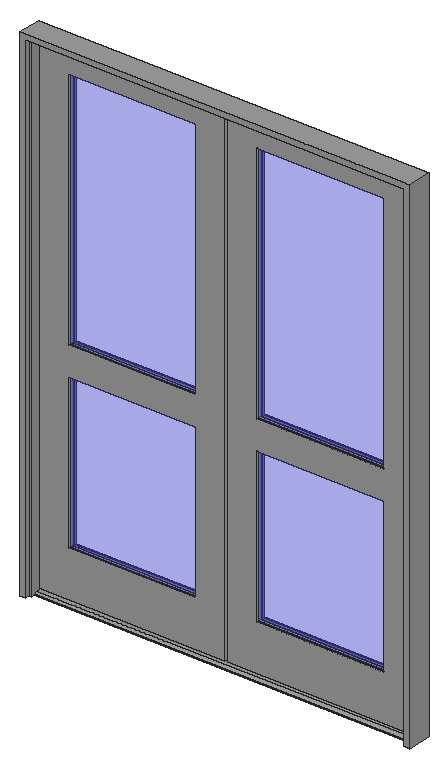
Revit family "WS-500 DOOR-Double-VIP-1-CW_v04", category Curtain Panels, Revit 2015 (continued)
Definition of nested family "2.5x6-RTCIG CW-H8533-DHD-OHD SC-DI"
  Lines and regions (in)
    detail lines, in view "Ref. Level", detail levels fine
      curve 32: line (2.31256, -1.5, 0) -> (2.31256, -1, 0)
      curve 33: line (2.31256, -1, 0) -> (2.00056, -1, 0)
      curve 34: line (2.04511, -1.062, 0) -> (2.25056, -1.062, 0)
      curve 35: line (2.25056, -1.062, 0) -> (2.25056, -1.438, 0)
      curve 36: line (2.25056, -1.438, 0) -> (0.85956, -1.438, 0)
      curve 37: line (0.85956, -1.438, 0) -> (0.85956, -1.053, 0)
      curve 38: line (0.85956, -1.053, 0) -> (0.95295, -1.053, 0)
      curve 39: line (0.99956, -1, 0) -> (0.79756, -1, 0)
      curve 40: line (0.79756, -1, 0) -> (0.79756, -1.081, 0)
      curve 41: line (0.79756, -1.081, 0) -> (0.74256, -1.081, 0)
      curve 42: line (0.74256, -1.081, 0) -> (0.74256, -1, 0)
      curve 43: line (0.74256, -1, 0) -> (0.68756, -1, 0)
      curve 44: line (0.68756, -1, 0) -> (0.68756, -1.173, 0)
      curve 45: line (-1.28244, 0, 0) -> (-1.28244, -1, 0)
      curve 46: line (-1.28244, -1, 0) -> (0.68756, -1, 0)
      curve 47: line (0.68756, -1, 0) -> (0.68756, -1.5, 0)
      curve 48: line (0.68756, -1.5, 0) -> (2.31256, -1.5, 0)
      curve 49: line (2.31256, -1.5, 0) -> (2.31256, -1, 0)
      curve 50: line (2.31256, -1, 0) -> (3.21756, -1, 0)
      curve 51: line (3.21756, -1, 0) -> (3.21756, 0, 0)
      curve 52: line (3.21756, 0, 0) -> (-1.28244, 0, 0)
      curve 53: arc (-1.28244, -0.25, 0) -> (-1.26095, -0.125, 0) -> (-1.28244, 0, 0) r 0.37439
      curve 54: arc (3.21756, 0, 0) -> (3.19608, -0.125, 0) -> (3.21756, -0.25, 0) r 0.37439
      curve 55: arc (1.95497, -1.14175, 0) -> (1.95619, -1.1362, 0) -> (1.95482, -1.13068, 0) r 0.0125
      curve 56: arc (1.98284, -1.14139, 0) -> (1.98406, -1.13584, 0) -> (1.9827, -1.13032, 0) r 0.0125
      curve 57: arc (1.01743, -1.13032, 0) -> (1.01607, -1.13584, 0) -> (1.01729, -1.14139, 0) r 0.0125
      curve 58: arc (1.0453, -1.13068, 0) -> (1.04394, -1.1362, 0) -> (1.04516, -1.14175, 0) r 0.0125
      curve 59: arc (1.10681, -1.025, 0) -> (1.10028, -1.02684, 0) -> (1.09567, -1.03182, 0) r 0.0125
      curve 60: arc (1.90446, -1.03183, 0) -> (1.89985, -1.02684, 0) -> (1.89332, -1.025, 0) r 0.0125
      curve 61: line (-1.03244, -0.25, 0) -> (-1.03244, 0, 0)
      curve 62: line (-1.03244, 0, 0) -> (2.96756, 0, 0)
      curve 63: line (2.96756, 0, 0) -> (2.96756, -0.25, 0)
      curve 64: line (2.96756, -0.25, 0) -> (-1.03244, -0.25, 0)
      curve 65: line (-1.03244, -0.25, 0) -> (2.96756, 0, 0)
      curve 66: line (-1.03244, 0, 0) -> (2.96756, -0.25, 0)
      curve 67: line (1.95497, -1.14175, 0) -> (1.89789, -1.26122, 0)
      curve 68: line (1.89789, -1.26122, 0) -> (1.92045, -1.272, 0)
      curve 69: line (1.92045, -1.272, 0) -> (1.98284, -1.14139, 0)
      curve 70: line (1.9827, -1.13032, 0) -> (1.92904, -1.025, 0)
      curve 71: line (1.92904, -1.025, 0) -> (1.95506, -1.025, 0)
      curve 72: line (1.95506, -1.025, 0) -> (1.95506, -1, 0)
      curve 73: line (1.95506, -1, 0) -> (1.04506, -1, 0)
      curve 74: line (1.04506, -1, 0) -> (1.04506, -1.025, 0)
      curve 75: line (1.04506, -1.025, 0) -> (1.07109, -1.025, 0)
      curve 76: line (1.07109, -1.025, 0) -> (1.01743, -1.13032, 0)
      curve 77: line (1.01729, -1.14139, 0) -> (1.07968, -1.272, 0)
      curve 78: line (1.07968, -1.272, 0) -> (1.10224, -1.26122, 0)
      curve 79: line (1.10224, -1.26122, 0) -> (1.04516, -1.14175, 0)
      curve 80: line (1.0453, -1.13068, 0) -> (1.09567, -1.03182, 0)
      curve 81: line (1.10681, -1.025, 0) -> (1.89332, -1.025, 0)
      curve 82: line (1.90446, -1.03183, 0) -> (1.95482, -1.13068, 0)
      curve 83: line (0.54796, -1.18033, 0) -> (0.56296, -1.18633, 0)
      curve 84: line (0.56296, -1.18633, 0) -> (0.57696, -1.19533, 0)
      curve 85: line (0.57696, -1.19533, 0) -> (0.60296, -1.19933, 0)
      curve 86: line (0.60296, -1.19933, 0) -> (0.62096, -1.20333, 0)
      curve 87: line (0.62096, -1.20333, 0) -> (0.65696, -1.20433, 0)
      curve 88: line (0.65696, -1.20433, 0) -> (0.67296, -1.20633, 0)
      curve 89: line (0.67296, -1.20633, 0) -> (0.69296, -1.20833, 0)
      curve 90: line (0.69296, -1.20833, 0) -> (0.69696, -1.21433, 0)
      curve 91: line (0.69696, -1.21433, 0) -> (0.70996, -1.20833, 0)
      curve 92: line (0.70996, -1.20833, 0) -> (0.69696, -1.21433, 0)
      curve 93: line (0.55396, -1.35233, 0) -> (0.58296, -1.35233, 0)
      curve 94: line (0.58296, -1.35233, 0) -> (0.60796, -1.35233, 0)
      curve 95: line (0.60796, -1.35233, 0) -> (0.62496, -1.35433, 0)
      curve 96: line (0.62496, -1.35433, 0) -> (0.65696, -1.35433, 0)
      curve 97: line (0.65696, -1.35433, 0) -> (0.67696, -1.35533, 0)
      curve 98: line (0.67696, -1.35533, 0) -> (0.70396, -1.36133, 0)
      curve 99: line (0.70396, -1.36133, 0) -> (0.67496, -1.36433, 0)
      curve 100: line (0.67496, -1.36433, 0) -> (0.68996, -1.37033, 0)
      curve 101: line (0.68996, -1.37033, 0) -> (0.67296, -1.36633, 0)
      curve 102: line (0.67296, -1.36633, 0) -> (0.65096, -1.36833, 0)
      curve 103: line (0.65096, -1.36833, 0) -> (0.58796, -1.37733, 0)
      curve 104: line (0.58796, -1.37733, 0) -> (0.60596, -1.37733, 0)
      curve 105: line (0.60596, -1.37733, 0) -> (0.61696, -1.37533, 0)
      curve 106: line (0.61696, -1.37533, 0) -> (0.63196, -1.37433, 0)
      curve 107: line (0.63196, -1.37433, 0) -> (0.65896, -1.37233, 0)
      curve 108: line (0.65896, -1.37233, 0) -> (0.67896, -1.37033, 0)
      curve 109: line (0.67896, -1.37033, 0) -> (0.65296, -1.36633, 0)
      curve 110: line (0.65296, -1.36633, 0) -> (0.62296, -1.36633, 0)
      curve 111: line (0.62296, -1.36633, 0) -> (0.58996, -1.36433, 0)
      curve 112: line (0.58996, -1.36433, 0) -> (0.54796, -1.36933, 0)
      curve 113: line (0.57196, -1.38433, 0) -> (0.58996, -1.38133, 0)
      curve 114: line (0.58996, -1.38133, 0) -> (0.54796, -1.38833, 0)
      curve 115: line (0.54796, -1.38833, 0) -> (0.57196, -1.38433, 0)
      curve 116: line (0.54996, -1.24133, 0) -> (0.56796, -1.23933, 0)
      curve 117: line (0.56796, -1.23933, 0) -> (0.58096, -1.23733, 0)
      curve 118: line (0.58096, -1.23733, 0) -> (0.59396, -1.23533, 0)
      curve 119: line (0.59396, -1.23533, 0) -> (0.61496, -1.23533, 0)
      curve 120: line (0.61496, -1.23533, 0) -> (0.62796, -1.23533, 0)
      curve 121: line (0.62796, -1.23533, 0) -> (0.65696, -1.23733, 0)
      curve 122: line (0.65696, -1.23733, 0) -> (0.67096, -1.23733, 0)
      curve 123: line (0.67096, -1.23733, 0) -> (0.67896, -1.23933, 0)
      curve 124: line (0.67896, -1.23933, 0) -> (0.69696, -1.24133, 0)
      curve 125: line (0.69696, -1.24133, 0) -> (0.71096, -1.24433, 0)
      curve 126: line (0.71096, -1.24433, 0) -> (0.72796, -1.25233, 0)
      curve 127: line (0.72796, -1.25233, 0) -> (0.74196, -1.25233, 0)
      curve 128: line (0.74196, -1.25233, 0) -> (0.72596, -1.24433, 0)
      curve 129: line (0.72596, -1.24433, 0) -> (0.71096, -1.25033, 0)
      curve 130: line (0.71096, -1.25033, 0) -> (0.70196, -1.25033, 0)
      curve 131: line (0.70196, -1.25033, 0) -> (0.68596, -1.25033, 0)
      curve 132: line (0.68596, -1.25033, 0) -> (0.67096, -1.24633, 0)
      curve 133: line (0.67096, -1.24633, 0) -> (0.65496, -1.24633, 0)
      curve 134: line (0.65496, -1.24633, 0) -> (0.62296, -1.24633, 0)
      curve 135: line (0.62296, -1.24633, 0) -> (0.60596, -1.24633, 0)
      curve 136: line (0.60596, -1.24633, 0) -> (0.59396, -1.24633, 0)
      curve 137: line (0.59396, -1.24633, 0) -> (0.54796, -1.25433, 0)
      curve 138: line (0.54996, -1.20833, 0) -> (0.56096, -1.20833, 0)
      curve 139: line (0.56096, -1.20833, 0) -> (0.58096, -1.20833, 0)
      curve 140: line (0.58096, -1.20833, 0) -> (0.59196, -1.20633, 0)
      curve 141: line (0.59196, -1.20633, 0) -> (0.59896, -1.20633, 0)
      curve 142: line (0.59896, -1.20633, 0) -> (0.60596, -1.20833, 0)
      curve 143: line (0.60596, -1.20833, 0) -> (0.62296, -1.21433, 0)
      curve 144: line (0.62296, -1.21433, 0) -> (0.65496, -1.21233, 0)
      curve 145: line (0.65496, -1.21233, 0) -> (0.66196, -1.21033, 0)
      curve 146: line (0.66196, -1.21033, 0) -> (0.67096, -1.21233, 0)
      curve 147: line (0.67096, -1.21233, 0) -> (0.68096, -1.21233, 0)
      curve 148: line (0.68096, -1.21233, 0) -> (0.68996, -1.21233, 0)
      curve 149: line (0.74596, -1.21033, 0) -> (0.73496, -1.21033, 0)
      curve 150: line (0.73496, -1.21033, 0) -> (0.74196, -1.21033, 0)
      curve 151: line (0.74196, -1.21033, 0) -> (0.75296, -1.21033, 0)
      curve 152: line (0.75296, -1.21033, 0) -> (0.76396, -1.21033, 0)
      curve 153: line (0.76396, -1.21033, 0) -> (0.77496, -1.20633, 0)
      curve 154: line (0.77896, -1.20633, 0) -> (0.76796, -1.20633, 0)
      curve 155: line (0.76796, -1.20633, 0) -> (0.76096, -1.20633, 0)
      curve 156: line (0.76096, -1.20633, 0) -> (0.75296, -1.20833, 0)
      curve 157: line (0.75296, -1.20833, 0) -> (0.74596, -1.21033, 0)
      curve 158: line (0.78096, -1.27033, 0) -> (0.76996, -1.27233, 0)
      curve 159: line (0.76996, -1.27233, 0) -> (0.75496, -1.27433, 0)
      curve 160: line (0.75496, -1.27433, 0) -> (0.74396, -1.27433, 0)
      curve 161: line (0.74396, -1.27433, 0) -> (0.73496, -1.27433, 0)
      curve 162: line (0.73496, -1.27433, 0) -> (0.71496, -1.27433, 0)
      curve 163: line (0.71496, -1.27433, 0) -> (0.69696, -1.27433, 0)
      curve 164: line (0.69696, -1.27433, 0) -> (0.67496, -1.27033, 0)
      curve 165: line (0.67496, -1.27033, 0) -> (0.65696, -1.27033, 0)
      curve 166: line (0.65696, -1.27033, 0) -> (0.60996, -1.27033, 0)
      curve 167: line (0.60996, -1.27033, 0) -> (0.57396, -1.27033, 0)
      curve 168: line (0.57396, -1.27033, 0) -> (0.54796, -1.26833, 0)
      curve 169: line (0.54796, -1.26133, 0) -> (0.56796, -1.26133, 0)
      curve 170: line (0.56796, -1.26133, 0) -> (0.59696, -1.26133, 0)
      curve 171: line (0.59696, -1.26133, 0) -> (0.62496, -1.26133, 0)
      curve 172: line (0.62496, -1.26133, 0) -> (0.66796, -1.26333, 0)
      curve 173: line (0.66796, -1.26333, 0) -> (0.70096, -1.26433, 0)
      curve 174: line (0.70096, -1.26433, 0) -> (0.71896, -1.26333, 0)
      curve 175: line (0.71896, -1.26333, 0) -> (0.73296, -1.26333, 0)
      curve 176: line (0.73296, -1.26333, 0) -> (0.75096, -1.26333, 0)
      curve 177: line (0.75096, -1.26333, 0) -> (0.76096, -1.26333, 0)
      curve 178: line (0.76096, -1.26333, 0) -> (0.76796, -1.26333, 0)
      curve 179: line (0.76796, -1.26333, 0) -> (0.78096, -1.26333, 0)
      curve 180: line (0.78096, -1.25133, 0) -> (0.76996, -1.25033, 0)
      curve 181: line (0.76996, -1.25033, 0) -> (0.76196, -1.25033, 0)
      curve 182: line (0.76196, -1.25033, 0) -> (0.75096, -1.25233, 0)
      curve 183: line (0.75096, -1.25233, 0) -> (0.74196, -1.25233, 0)
      curve 184: line (0.74196, -1.25233, 0) -> (0.74996, -1.24833, 0)
      curve 185: line (0.74996, -1.24833, 0) -> (0.76396, -1.24633, 0)
      curve 186: line (0.76396, -1.24633, 0) -> (0.77496, -1.24333, 0)
      curve 187: line (0.76996, -1.22433, 0) -> (0.75496, -1.22433, 0)
      curve 188: line (0.75496, -1.22433, 0) -> (0.74196, -1.22633, 0)
      curve 189: line (0.74196, -1.22633, 0) -> (0.73296, -1.22633, 0)
      curve 190: line (0.73296, -1.22633, 0) -> (0.70996, -1.22433, 0)
      curve 191: line (0.70996, -1.22433, 0) -> (0.69896, -1.22333, 0)
      curve 192: line (0.69896, -1.22333, 0) -> (0.67696, -1.22433, 0)
      curve 193: line (0.67696, -1.22433, 0) -> (0.65296, -1.22333, 0)
      curve 194: line (0.65296, -1.22333, 0) -> (0.62296, -1.22333, 0)
      curve 195: line (0.62296, -1.22333, 0) -> (0.59896, -1.22133, 0)
      curve 196: line (0.59896, -1.22133, 0) -> (0.58096, -1.22133, 0)
      curve 197: line (0.58096, -1.22133, 0) -> (0.56096, -1.22133, 0)
      curve 198: line (0.56096, -1.22133, 0) -> (0.54796, -1.22233, 0)
      curve 199: line (0.73496, -1.21033, 0) -> (0.71896, -1.21233, 0)
      curve 200: line (0.71896, -1.21233, 0) -> (0.70996, -1.20833, 0)
      curve 201: line (0.70996, -1.20833, 0) -> (0.72396, -1.20833, 0)
      curve 202: line (0.72396, -1.20833, 0) -> (0.73296, -1.21233, 0)
      curve 203: line (0.73296, -1.37433, 0) -> (0.74396, -1.37433, 0)
      curve 204: line (0.74396, -1.37433, 0) -> (0.76096, -1.37433, 0)
      curve 205: line (0.76096, -1.37433, 0) -> (0.77296, -1.37433, 0)
      curve 206: line (0.78096, -1.37033, 0) -> (0.77096, -1.37033, 0)
      curve 207: line (0.77096, -1.37033, 0) -> (0.75496, -1.37033, 0)
      curve 208: line (0.75496, -1.37033, 0) -> (0.74796, -1.36833, 0)
      curve 209: line (0.74796, -1.36833, 0) -> (0.74096, -1.36833, 0)
      curve 210: line (0.74096, -1.36833, 0) -> (0.72996, -1.36633, 0)
      curve 211: line (0.72996, -1.36633, 0) -> (0.71496, -1.36633, 0)
      curve 212: line (0.71496, -1.36633, 0) -> (0.70396, -1.36633, 0)
      curve 213: line (0.70396, -1.36633, 0) -> (0.68996, -1.37033, 0)
      curve 214: line (0.68996, -1.37033, 0) -> (0.70596, -1.37233, 0)
      curve 215: line (0.70596, -1.37233, 0) -> (0.72096, -1.37233, 0)
      curve 216: line (0.72096, -1.37233, 0) -> (0.73296, -1.37433, 0)
      curve 217: line (0.75896, -1.35433, 0) -> (0.74796, -1.35033, 0)
      curve 218: line (0.74796, -1.35033, 0) -> (0.76396, -1.34633, 0)
      curve 219: line (0.76396, -1.34633, 0) -> (0.77296, -1.34633, 0)
      curve 220: line (0.77296, -1.34633, 0) -> (0.78096, -1.34833, 0)
      curve 221: line (0.78096, -1.34833, 0) -> (0.77296, -1.35433, 0)
      curve 222: line (0.77296, -1.35433, 0) -> (0.76596, -1.35433, 0)
      curve 223: line (0.76596, -1.35433, 0) -> (0.75896, -1.35433, 0)
      curve 224: line (0.54796, -1.31033, 0) -> (0.55896, -1.31033, 0)
      curve 225: line (0.55896, -1.31033, 0) -> (0.58796, -1.30833, 0)
      curve 226: line (0.58796, -1.30833, 0) -> (0.61496, -1.30833, 0)
      curve 227: line (0.61496, -1.30833, 0) -> (0.62796, -1.30833, 0)
      curve 228: line (0.62796, -1.30833, 0) -> (0.66196, -1.31033, 0)
      curve 229: line (0.66196, -1.31033, 0) -> (0.68096, -1.31233, 0)
      curve 230: line (0.68096, -1.31233, 0) -> (0.69896, -1.31433, 0)
      curve 231: line (0.69896, -1.31433, 0) -> (0.72096, -1.31433, 0)
      curve 232: line (0.72096, -1.31433, 0) -> (0.73696, -1.31433, 0)
      curve 233: line (0.73696, -1.31433, 0) -> (0.75896, -1.31433, 0)
      curve 234: line (0.75896, -1.31433, 0) -> (0.76596, -1.31433, 0)
      curve 235: line (0.76596, -1.31433, 0) -> (0.77896, -1.31033, 0)
      curve 236: line (0.54796, -1.32333, 0) -> (0.57896, -1.32133, 0)
      curve 237: line (0.57896, -1.32133, 0) -> (0.60496, -1.31933, 0)
      curve 238: line (0.60496, -1.31933, 0) -> (0.61896, -1.31933, 0)
      curve 239: line (0.61896, -1.31933, 0) -> (0.66196, -1.31933, 0)
      curve 240: line (0.66196, -1.31933, 0) -> (0.67696, -1.32133, 0)
      curve 241: line (0.67696, -1.32133, 0) -> (0.70096, -1.32133, 0)
      curve 242: line (0.70096, -1.32133, 0) -> (0.71496, -1.32133, 0)
      curve 243: line (0.71496, -1.32133, 0) -> (0.73496, -1.32133, 0)
      curve 244: line (0.73496, -1.32133, 0) -> (0.75096, -1.32333, 0)
      curve 245: line (0.75096, -1.32333, 0) -> (0.76196, -1.32433, 0)
      curve 246: line (0.76196, -1.32433, 0) -> (0.77096, -1.32433, 0)
      curve 247: line (0.77096, -1.32433, 0) -> (0.78096, -1.32433, 0)
      curve 248: line (0.73296, -1.35433, 0) -> (0.74796, -1.35433, 0)
      curve 249: line (0.74796, -1.35433, 0) -> (0.72596, -1.35733, 0)
      curve 250: line (0.72596, -1.35733, 0) -> (0.73296, -1.35433, 0)
      curve 251: line (0.71296, -1.35533, 0) -> (0.70396, -1.36133, 0)
      curve 252: line (0.70396, -1.36133, 0) -> (0.72596, -1.35733, 0)
      curve 253: line (0.72596, -1.35733, 0) -> (0.71296, -1.35533, 0)
      curve 254: line (0.54796, -1.29533, 0) -> (0.57696, -1.29533, 0)
      curve 255: line (0.57696, -1.29533, 0) -> (0.60996, -1.29533, 0)
      curve 256: line (0.60996, -1.29533, 0) -> (0.65296, -1.29533, 0)
      curve 257: line (0.65296, -1.29533, 0) -> (0.67296, -1.29533, 0)
      curve 258: line (0.67296, -1.29533, 0) -> (0.69896, -1.29933, 0)
      curve 259: line (0.69896, -1.29933, 0) -> (0.70796, -1.29933, 0)
      curve 260: line (0.70796, -1.29933, 0) -> (0.72096, -1.30133, 0)
      curve 261: line (0.72096, -1.30133, 0) -> (0.73296, -1.30133, 0)
      curve 262: line (0.73296, -1.30133, 0) -> (0.74396, -1.30133, 0)
      curve 263: line (0.74396, -1.30133, 0) -> (0.75296, -1.30133, 0)
      curve 264: line (0.75296, -1.30133, 0) -> (0.76996, -1.29933, 0)
      curve 265: line (0.76996, -1.29933, 0) -> (0.77696, -1.29933, 0)
      curve 266: line (0.77696, -1.29933, 0) -> (0.77696, -1.2896, 0)
      curve 267: line (0.78096, -1.28933, 0) -> (0.76596, -1.29033, 0)
      curve 268: line (0.76596, -1.29033, 0) -> (0.75496, -1.29033, 0)
      curve 269: line (0.75496, -1.29033, 0) -> (0.74096, -1.29233, 0)
      curve 270: line (0.74096, -1.29233, 0) -> (0.70996, -1.28833, 0)
      curve 271: line (0.70996, -1.28833, 0) -> (0.69296, -1.28833, 0)
      curve 272: line (0.69296, -1.28833, 0) -> (0.67696, -1.28833, 0)
      curve 273: line (0.67696, -1.28833, 0) -> (0.66096, -1.28633, 0)
      curve 274: line (0.66096, -1.28633, 0) -> (0.62296, -1.28633, 0)
      curve 275: line (0.62296, -1.28633, 0) -> (0.60096, -1.28433, 0)
      curve 276: line (0.60096, -1.28433, 0) -> (0.56096, -1.28333, 0)
      curve 277: line (0.56096, -1.28333, 0) -> (0.54796, -1.28333, 0)
      curve 278: line (0.54796, -1.33833, 0) -> (0.57896, -1.33533, 0)
      curve 279: line (0.57896, -1.33533, 0) -> (0.61496, -1.33733, 0)
      curve 280: line (0.61496, -1.33733, 0) -> (0.65296, -1.33733, 0)
      curve 281: line (0.65296, -1.33733, 0) -> (0.67496, -1.33733, 0)
      curve 282: line (0.67496, -1.33733, 0) -> (0.69496, -1.33733, 0)
      curve 283: line (0.69496, -1.33733, 0) -> (0.70996, -1.33733, 0)
      curve 284: line (0.70996, -1.33733, 0) -> (0.72596, -1.33933, 0)
      curve 285: line (0.72596, -1.33933, 0) -> (0.73696, -1.33933, 0)
      curve 286: line (0.73696, -1.33933, 0) -> (0.74796, -1.33933, 0)
      curve 287: line (0.74796, -1.33933, 0) -> (0.75896, -1.33933, 0)
      curve 288: line (0.75896, -1.33933, 0) -> (0.77696, -1.33733, 0)
      curve 289: line (0.78096, -1.41933, 0) -> (0.78096, -1.15933, 0)
    detail lines, in view "Ref. Level", detail levels medium
      curve 290: arc (1.65506, -0.328, 0) -> (1.67791, -0.38315, 0) -> (1.73306, -0.406, 0) r 0.078
      curve 291: arc (0.20206, -0.406, 0) -> (0.25722, -0.38315, 0) -> (0.28006, -0.328, 0) r 0.078
      curve 292: arc (0.68756, -1.173, 0) -> (0.71506, -1.2005, 0) -> (0.74256, -1.173, 0) r 0.0275
      curve 293: arc (0.74256, -1.408, 0) -> (0.71506, -1.3805, 0) -> (0.68756, -1.408, 0) r 0.0275
      curve 294: arc (2.00056, -1, 0) -> (1.96239, -1.07442, 0) -> (2.04511, -1.062, 0) r 0.047
      curve 295: arc (0.95295, -1.053, 0) -> (1.03486, -1.07804, 0) -> (0.99956, -1, 0) r 0.047
      curve 296: line (1.73306, -0.406, 0) -> (1.98306, -0.406, 0)
      curve 297: line (1.98306, -0.406, 0) -> (1.98306, -0.375, 0)
      curve 298: line (1.98306, -0.375, 0) -> (3.09256, -0.375, 0)
      curve 299: line (3.09256, -0.375, 0) -> (3.09256, -0.875, 0)
      curve 300: line (3.09256, -0.875, 0) -> (-1.15744, -0.875, 0)
      curve 301: line (-1.15744, -0.875, 0) -> (-1.15744, -0.375, 0)
      curve 302: line (-1.15744, -0.375, 0) -> (-0.04794, -0.375, 0)
      curve 303: line (-0.04794, -0.375, 0) -> (-0.04794, -0.406, 0)
      curve 304: line (-0.04794, -0.406, 0) -> (0.20206, -0.406, 0)
      curve 305: line (0.28006, -0.328, 0) -> (0.03006, -0.328, 0)
      curve 306: line (0.03006, -0.328, 0) -> (0.03006, -0.25, 0)
      curve 307: line (0.03006, -0.25, 0) -> (-1.28244, -0.25, 0)
      curve 308: line (-1.28244, -0.25, 0) -> (-1.28244, -1, 0)
      curve 309: line (-1.28244, -1, 0) -> (3.21756, -1, 0)
      curve 310: line (3.21756, -1, 0) -> (3.21756, -0.25, 0)
      curve 311: line (3.21756, -0.25, 0) -> (1.90506, -0.25, 0)
      curve 312: line (1.90506, -0.25, 0) -> (1.90506, -0.328, 0)
      curve 313: line (1.90506, -0.328, 0) -> (1.65506, -0.328, 0)
      curve 314: line (0.74256, -1.173, 0) -> (0.74256, -1.143, 0)
      curve 315: line (0.74256, -1.143, 0) -> (0.79756, -1.143, 0)
      curve 316: line (0.79756, -1.143, 0) -> (0.79756, -1.438, 0)
      curve 317: line (0.79756, -1.438, 0) -> (0.74256, -1.438, 0)
      curve 318: line (0.74256, -1.438, 0) -> (0.74256, -1.408, 0)
      curve 319: line (0.68756, -1.408, 0) -> (0.68756, -1.5, 0)
      curve 320: line (0.68756, -1.5, 0) -> (2.31256, -1.5, 0)
      curve 321: line (2.31256, -1.5, 0) -> (2.31256, -1, 0)
      curve 322: line (2.31256, -1, 0) -> (2.00056, -1, 0)
      curve 323: line (2.04511, -1.062, 0) -> (2.25056, -1.062, 0)
      curve 324: line (2.25056, -1.062, 0) -> (2.25056, -1.438, 0)
      curve 325: line (2.25056, -1.438, 0) -> (0.85956, -1.438, 0)
      curve 326: line (0.85956, -1.438, 0) -> (0.85956, -1.053, 0)
      curve 327: line (0.85956, -1.053, 0) -> (0.95295, -1.053, 0)
      curve 328: line (0.99956, -1, 0) -> (0.79756, -1, 0)
      curve 329: line (0.79756, -1, 0) -> (0.79756, -1.081, 0)
      curve 330: line (0.79756, -1.081, 0) -> (0.74256, -1.081, 0)
      curve 331: line (0.74256, -1.081, 0) -> (0.74256, -1, 0)
      curve 332: line (0.74256, -1, 0) -> (0.68756, -1, 0)
      curve 333: line (0.68756, -1, 0) -> (0.68756, -1.173, 0)
      curve 334: line (-1.28244, 0, 0) -> (-1.28244, -1, 0)
      curve 335: line (-1.28244, -1, 0) -> (0.68756, -1, 0)
      curve 336: line (0.68756, -1, 0) -> (0.68756, -1.5, 0)
      curve 337: line (0.68756, -1.5, 0) -> (2.31256, -1.5, 0)
      curve 338: line (2.31256, -1.5, 0) -> (2.31256, -1, 0)
      curve 339: line (2.31256, -1, 0) -> (3.21756, -1, 0)
      curve 340: line (3.21756, -1, 0) -> (3.21756, 0, 0)
      curve 341: line (3.21756, 0, 0) -> (-1.28244, 0, 0)
    detail lines, in view "Ref. Level", not visible, detail levels fine
      curve 342: arc (1.65506, -0.328, 0) -> (1.67791, -0.38315, 0) -> (1.73306, -0.406, 0) r 0.078
      curve 343: arc (0.20206, -0.406, 0) -> (0.25722, -0.38315, 0) -> (0.28006, -0.328, 0) r 0.078
      curve 344: arc (0.68756, -1.173, 0) -> (0.71506, -1.2005, 0) -> (0.74256, -1.173, 0) r 0.0275
      curve 345: arc (0.74256, -1.408, 0) -> (0.71506, -1.3805, 0) -> (0.68756, -1.408, 0) r 0.0275
      curve 346: arc (2.00056, -1, 0) -> (1.96239, -1.07442, 0) -> (2.04511, -1.062, 0) r 0.047
      curve 347: arc (0.95295, -1.053, 0) -> (1.03486, -1.07804, 0) -> (0.99956, -1, 0) r 0.047
      curve 348: line (1.73306, -0.406, 0) -> (1.98306, -0.406, 0)
      curve 349: line (1.98306, -0.406, 0) -> (1.98306, -0.375, 0)
      curve 350: line (1.98306, -0.375, 0) -> (3.09256, -0.375, 0)
      curve 351: line (3.09256, -0.375, 0) -> (3.09256, -0.875, 0)
      curve 352: line (3.09256, -0.875, 0) -> (-1.15744, -0.875, 0)
      curve 353: line (-1.15744, -0.875, 0) -> (-1.15744, -0.375, 0)
      curve 354: line (-1.15744, -0.375, 0) -> (-0.04794, -0.375, 0)
      curve 355: line (-0.04794, -0.375, 0) -> (-0.04794, -0.406, 0)
      curve 356: line (-0.04794, -0.406, 0) -> (0.20206, -0.406, 0)
      curve 357: line (0.28006, -0.328, 0) -> (0.03006, -0.328, 0)
      curve 358: line (0.03006, -0.328, 0) -> (0.03006, -0.25, 0)
      curve 359: line (0.03006, -0.25, 0) -> (-1.28244, -0.25, 0)
      curve 360: line (-1.28244, -0.25, 0) -> (-1.28244, -1, 0)
      curve 361: line (-1.28244, -1, 0) -> (3.21756, -1, 0)
      curve 362: line (3.21756, -1, 0) -> (3.21756, -0.25, 0)
      curve 363: line (3.21756, -0.25, 0) -> (1.90506, -0.25, 0)
      curve 364: line (1.90506, -0.25, 0) -> (1.90506, -0.328, 0)
      curve 365: line (1.90506, -0.328, 0) -> (1.65506, -0.328, 0)
      curve 366: line (0.74256, -1.173, 0) -> (0.74256, -1.143, 0)
      curve 367: line (0.74256, -1.143, 0) -> (0.79756, -1.143, 0)
      curve 368: line (0.79756, -1.143, 0) -> (0.79756, -1.438, 0)
      curve 369: line (0.79756, -1.438, 0) -> (0.74256, -1.438, 0)
      curve 370: line (0.74256, -1.438, 0) -> (0.74256, -1.408, 0)
      curve 371: line (0.68756, -1.408, 0) -> (0.68756, -1.5, 0)
      curve 372: line (0.68756, -1.5, 0) -> (2.31256, -1.5, 0)
      curve 373: line (2.31256, -1.5, 0) -> (2.31256, -1, 0)
      curve 374: line (2.31256, -1, 0) -> (2.00056, -1, 0)
      curve 375: line (2.04511, -1.062, 0) -> (2.25056, -1.062, 0)
      curve 376: line (2.25056, -1.062, 0) -> (2.25056, -1.438, 0)
      curve 377: line (2.25056, -1.438, 0) -> (0.85956, -1.438, 0)
      curve 378: line (0.85956, -1.438, 0) -> (0.85956, -1.053, 0)
      curve 379: line (0.85956, -1.053, 0) -> (0.95295, -1.053, 0)
      curve 380: line (0.99956, -1, 0) -> (0.79756, -1, 0)
      curve 381: line (0.79756, -1, 0) -> (0.79756, -1.081, 0)
      curve 382: line (0.79756, -1.081, 0) -> (0.74256, -1.081, 0)
      curve 383: line (0.74256, -1.081, 0) -> (0.74256, -1, 0)
      curve 384: line (0.74256, -1, 0) -> (0.68756, -1, 0)
      curve 385: line (0.68756, -1, 0) -> (0.68756, -1.173, 0)
      curve 386: line (-1.28244, 0, 0) -> (-1.28244, -1, 0)
      curve 387: line (-1.28244, -1, 0) -> (0.68756, -1, 0)
      curve 388: line (0.68756, -1, 0) -> (0.68756, -1.5, 0)
      curve 389: line (0.68756, -1.5, 0) -> (2.31256, -1.5, 0)
      curve 390: line (2.31256, -1.5, 0) -> (2.31256, -1, 0)
      curve 391: line (2.31256, -1, 0) -> (3.21756, -1, 0)
      curve 392: line (3.21756, -1, 0) -> (3.21756, 0, 0)
      curve 393: line (3.21756, 0, 0) -> (-1.28244, 0, 0)
      curve 394: arc (-1.28244, -0.25, 0) -> (-1.26095, -0.125, 0) -> (-1.28244, 0, 0) r 0.37439
      curve 395: arc (3.21756, 0, 0) -> (3.19608, -0.125, 0) -> (3.21756, -0.25, 0) r 0.37439
      curve 396: arc (1.95497, -1.14175, 0) -> (1.95619, -1.1362, 0) -> (1.95482, -1.13068, 0) r 0.0125
      curve 397: arc (1.98284, -1.14139, 0) -> (1.98406, -1.13584, 0) -> (1.9827, -1.13032, 0) r 0.0125
      curve 398: arc (1.01743, -1.13032, 0) -> (1.01607, -1.13584, 0) -> (1.01729, -1.14139, 0) r 0.0125
      curve 399: arc (1.0453, -1.13068, 0) -> (1.04394, -1.1362, 0) -> (1.04516, -1.14175, 0) r 0.0125
      curve 400: arc (1.10681, -1.025, 0) -> (1.10028, -1.02684, 0) -> (1.09567, -1.03182, 0) r 0.0125
      curve 401: arc (1.90446, -1.03183, 0) -> (1.89985, -1.02684, 0) -> (1.89332, -1.025, 0) r 0.0125
      curve 402: line (-1.03244, -0.25, 0) -> (-1.03244, 0, 0)
      curve 403: line (-1.03244, 0, 0) -> (2.96756, 0, 0)
      curve 404: line (2.96756, 0, 0) -> (2.96756, -0.25, 0)
      curve 405: line (2.96756, -0.25, 0) -> (-1.03244, -0.25, 0)
      curve 406: line (-1.03244, -0.25, 0) -> (2.96756, 0, 0)
      curve 407: line (-1.03244, 0, 0) -> (2.96756, -0.25, 0)
      curve 408: line (1.95497, -1.14175, 0) -> (1.89789, -1.26122, 0)
      curve 409: line (1.89789, -1.26122, 0) -> (1.92045, -1.272, 0)
      curve 410: line (1.92045, -1.272, 0) -> (1.98284, -1.14139, 0)
      curve 411: line (1.9827, -1.13032, 0) -> (1.92904, -1.025, 0)
      curve 412: line (1.92904, -1.025, 0) -> (1.95506, -1.025, 0)
      curve 413: line (1.95506, -1.025, 0) -> (1.95506, -1, 0)
      curve 414: line (1.95506, -1, 0) -> (1.04506, -1, 0)
      curve 415: line (1.04506, -1, 0) -> (1.04506, -1.025, 0)
      curve 416: line (1.04506, -1.025, 0) -> (1.07109, -1.025, 0)
      curve 417: line (1.07109, -1.025, 0) -> (1.01743, -1.13032, 0)
      curve 418: line (1.01729, -1.14139, 0) -> (1.07968, -1.272, 0)
      curve 419: line (1.07968, -1.272, 0) -> (1.10224, -1.26122, 0)
      curve 420: line (1.10224, -1.26122, 0) -> (1.04516, -1.14175, 0)
      curve 421: line (1.0453, -1.13068, 0) -> (1.09567, -1.03182, 0)
      curve 422: line (1.10681, -1.025, 0) -> (1.89332, -1.025, 0)
      curve 423: line (1.90446, -1.03183, 0) -> (1.95482, -1.13068, 0)
      curve 424: line (0.54796, -1.18033, 0) -> (0.56296, -1.18633, 0)
      curve 425: line (0.56296, -1.18633, 0) -> (0.57696, -1.19533, 0)
      curve 426: line (0.57696, -1.19533, 0) -> (0.60296, -1.19933, 0)
      curve 427: line (0.60296, -1.19933, 0) -> (0.62096, -1.20333, 0)
      curve 428: line (0.62096, -1.20333, 0) -> (0.65696, -1.20433, 0)
      curve 429: line (0.65696, -1.20433, 0) -> (0.67296, -1.20633, 0)
      curve 430: line (0.67296, -1.20633, 0) -> (0.69296, -1.20833, 0)
      curve 431: line (0.69296, -1.20833, 0) -> (0.69696, -1.21433, 0)
      curve 432: line (0.69696, -1.21433, 0) -> (0.70996, -1.20833, 0)
      curve 433: line (0.70996, -1.20833, 0) -> (0.69696, -1.21433, 0)
      curve 434: line (0.55396, -1.35233, 0) -> (0.58296, -1.35233, 0)
      curve 435: line (0.58296, -1.35233, 0) -> (0.60796, -1.35233, 0)
      curve 436: line (0.60796, -1.35233, 0) -> (0.62496, -1.35433, 0)
      curve 437: line (0.62496, -1.35433, 0) -> (0.65696, -1.35433, 0)
      curve 438: line (0.65696, -1.35433, 0) -> (0.67696, -1.35533, 0)
      curve 439: line (0.67696, -1.35533, 0) -> (0.70396, -1.36133, 0)
      curve 440: line (0.70396, -1.36133, 0) -> (0.67496, -1.36433, 0)
      curve 441: line (0.67496, -1.36433, 0) -> (0.68996, -1.37033, 0)
      curve 442: line (0.68996, -1.37033, 0) -> (0.67296, -1.36633, 0)
      curve 443: line (0.67296, -1.36633, 0) -> (0.65096, -1.36833, 0)
      curve 444: line (0.65096, -1.36833, 0) -> (0.58796, -1.37733, 0)
      curve 445: line (0.58796, -1.37733, 0) -> (0.60596, -1.37733, 0)
      curve 446: line (0.60596, -1.37733, 0) -> (0.61696, -1.37533, 0)
      curve 447: line (0.61696, -1.37533, 0) -> (0.63196, -1.37433, 0)
      curve 448: line (0.63196, -1.37433, 0) -> (0.65896, -1.37233, 0)
      curve 449: line (0.65896, -1.37233, 0) -> (0.67896, -1.37033, 0)
      curve 450: line (0.67896, -1.37033, 0) -> (0.65296, -1.36633, 0)
      curve 451: line (0.65296, -1.36633, 0) -> (0.62296, -1.36633, 0)
      curve 452: line (0.62296, -1.36633, 0) -> (0.58996, -1.36433, 0)
      curve 453: line (0.58996, -1.36433, 0) -> (0.54796, -1.36933, 0)
      curve 454: line (0.57196, -1.38433, 0) -> (0.58996, -1.38133, 0)
      curve 455: line (0.58996, -1.38133, 0) -> (0.54796, -1.38833, 0)
      curve 456: line (0.54796, -1.38833, 0) -> (0.57196, -1.38433, 0)
      curve 457: line (0.54996, -1.24133, 0) -> (0.56796, -1.23933, 0)
      curve 458: line (0.56796, -1.23933, 0) -> (0.58096, -1.23733, 0)
      curve 459: line (0.58096, -1.23733, 0) -> (0.59396, -1.23533, 0)
      curve 460: line (0.59396, -1.23533, 0) -> (0.61496, -1.23533, 0)
      curve 461: line (0.61496, -1.23533, 0) -> (0.62796, -1.23533, 0)
      curve 462: line (0.62796, -1.23533, 0) -> (0.65696, -1.23733, 0)
      curve 463: line (0.65696, -1.23733, 0) -> (0.67096, -1.23733, 0)
      curve 464: line (0.67096, -1.23733, 0) -> (0.67896, -1.23933, 0)
      curve 465: line (0.67896, -1.23933, 0) -> (0.69696, -1.24133, 0)
      curve 466: line (0.69696, -1.24133, 0) -> (0.71096, -1.24433, 0)
      curve 467: line (0.71096, -1.24433, 0) -> (0.72796, -1.25233, 0)
      curve 468: line (0.72796, -1.25233, 0) -> (0.74196, -1.25233, 0)
      curve 469: line (0.74196, -1.25233, 0) -> (0.72596, -1.24433, 0)
      curve 470: line (0.72596, -1.24433, 0) -> (0.71096, -1.25033, 0)
      curve 471: line (0.71096, -1.25033, 0) -> (0.70196, -1.25033, 0)
      curve 472: line (0.70196, -1.25033, 0) -> (0.68596, -1.25033, 0)
      curve 473: line (0.68596, -1.25033, 0) -> (0.67096, -1.24633, 0)
      curve 474: line (0.67096, -1.24633, 0) -> (0.65496, -1.24633, 0)
      curve 475: line (0.65496, -1.24633, 0) -> (0.62296, -1.24633, 0)
      curve 476: line (0.62296, -1.24633, 0) -> (0.60596, -1.24633, 0)
      curve 477: line (0.60596, -1.24633, 0) -> (0.59396, -1.24633, 0)
      curve 478: line (0.59396, -1.24633, 0) -> (0.54796, -1.25433, 0)
      curve 479: line (0.54996, -1.20833, 0) -> (0.56096, -1.20833, 0)
      curve 480: line (0.56096, -1.20833, 0) -> (0.58096, -1.20833, 0)
      curve 481: line (0.58096, -1.20833, 0) -> (0.59196, -1.20633, 0)
      curve 482: line (0.59196, -1.20633, 0) -> (0.59896, -1.20633, 0)
      curve 483: line (0.59896, -1.20633, 0) -> (0.60596, -1.20833, 0)
      curve 484: line (0.60596, -1.20833, 0) -> (0.62296, -1.21433, 0)
      curve 485: line (0.62296, -1.21433, 0) -> (0.65496, -1.21233, 0)
      curve 486: line (0.65496, -1.21233, 0) -> (0.66196, -1.21033, 0)
      curve 487: line (0.66196, -1.21033, 0) -> (0.67096, -1.21233, 0)
      curve 488: line (0.67096, -1.21233, 0) -> (0.68096, -1.21233, 0)
      curve 489: line (0.68096, -1.21233, 0) -> (0.68996, -1.21233, 0)
      curve 490: line (0.74596, -1.21033, 0) -> (0.73496, -1.21033, 0)
      curve 491: line (0.73496, -1.21033, 0) -> (0.74196, -1.21033, 0)
      curve 492: line (0.74196, -1.21033, 0) -> (0.75296, -1.21033, 0)
      curve 493: line (0.75296, -1.21033, 0) -> (0.76396, -1.21033, 0)
      curve 494: line (0.76396, -1.21033, 0) -> (0.77496, -1.20633, 0)
      curve 495: line (0.77896, -1.20633, 0) -> (0.76796, -1.20633, 0)
      curve 496: line (0.76796, -1.20633, 0) -> (0.76096, -1.20633, 0)
      curve 497: line (0.76096, -1.20633, 0) -> (0.75296, -1.20833, 0)
      curve 498: line (0.75296, -1.20833, 0) -> (0.74596, -1.21033, 0)
      curve 499: line (0.78096, -1.27033, 0) -> (0.76996, -1.27233, 0)
      curve 500: line (0.76996, -1.27233, 0) -> (0.75496, -1.27433, 0)
      curve 501: line (0.75496, -1.27433, 0) -> (0.74396, -1.27433, 0)
      curve 502: line (0.74396, -1.27433, 0) -> (0.73496, -1.27433, 0)
      curve 503: line (0.73496, -1.27433, 0) -> (0.71496, -1.27433, 0)
      curve 504: line (0.71496, -1.27433, 0) -> (0.69696, -1.27433, 0)
      curve 505: line (0.69696, -1.27433, 0) -> (0.67496, -1.27033, 0)
      curve 506: line (0.67496, -1.27033, 0) -> (0.65696, -1.27033, 0)
      curve 507: line (0.65696, -1.27033, 0) -> (0.60996, -1.27033, 0)
      curve 508: line (0.60996, -1.27033, 0) -> (0.57396, -1.27033, 0)
      curve 509: line (0.57396, -1.27033, 0) -> (0.54796, -1.26833, 0)
      curve 510: line (0.54796, -1.26133, 0) -> (0.56796, -1.26133, 0)
      curve 511: line (0.56796, -1.26133, 0) -> (0.59696, -1.26133, 0)
      curve 512: line (0.59696, -1.26133, 0) -> (0.62496, -1.26133, 0)
      curve 513: line (0.62496, -1.26133, 0) -> (0.66796, -1.26333, 0)
      curve 514: line (0.66796, -1.26333, 0) -> (0.70096, -1.26433, 0)
      curve 515: line (0.70096, -1.26433, 0) -> (0.71896, -1.26333, 0)
      curve 516: line (0.71896, -1.26333, 0) -> (0.73296, -1.26333, 0)
      curve 517: line (0.73296, -1.26333, 0) -> (0.75096, -1.26333, 0)
      curve 518: line (0.75096, -1.26333, 0) -> (0.76096, -1.26333, 0)
      curve 519: line (0.76096, -1.26333, 0) -> (0.76796, -1.26333, 0)
      curve 520: line (0.76796, -1.26333, 0) -> (0.78096, -1.26333, 0)
      curve 521: line (0.78096, -1.25133, 0) -> (0.76996, -1.25033, 0)
      curve 522: line (0.76996, -1.25033, 0) -> (0.76196, -1.25033, 0)
      curve 523: line (0.76196, -1.25033, 0) -> (0.75096, -1.25233, 0)
      curve 524: line (0.75096, -1.25233, 0) -> (0.74196, -1.25233, 0)
      curve 525: line (0.74196, -1.25233, 0) -> (0.74996, -1.24833, 0)
      curve 526: line (0.74996, -1.24833, 0) -> (0.76396, -1.24633, 0)
      curve 527: line (0.76396, -1.24633, 0) -> (0.77496, -1.24333, 0)
      curve 528: line (0.76996, -1.22433, 0) -> (0.75496, -1.22433, 0)
      curve 529: line (0.75496, -1.22433, 0) -> (0.74196, -1.22633, 0)
      curve 530: line (0.74196, -1.22633, 0) -> (0.73296, -1.22633, 0)
      curve 531: line (0.73296, -1.22633, 0) -> (0.70996, -1.22433, 0)
      curve 532: line (0.70996, -1.22433, 0) -> (0.69896, -1.22333, 0)
      curve 533: line (0.69896, -1.22333, 0) -> (0.67696, -1.22433, 0)
      curve 534: line (0.67696, -1.22433, 0) -> (0.65296, -1.22333, 0)
      curve 535: line (0.65296, -1.22333, 0) -> (0.62296, -1.22333, 0)
      curve 536: line (0.62296, -1.22333, 0) -> (0.59896, -1.22133, 0)
      curve 537: line (0.59896, -1.22133, 0) -> (0.58096, -1.22133, 0)
      curve 538: line (0.58096, -1.22133, 0) -> (0.56096, -1.22133, 0)
      curve 539: line (0.56096, -1.22133, 0) -> (0.54796, -1.22233, 0)
      curve 540: line (0.73496, -1.21033, 0) -> (0.71896, -1.21233, 0)
      curve 541: line (0.71896, -1.21233, 0) -> (0.70996, -1.20833, 0)
      curve 542: line (0.70996, -1.20833, 0) -> (0.72396, -1.20833, 0)
      curve 543: line (0.72396, -1.20833, 0) -> (0.73296, -1.21233, 0)
      curve 544: line (0.73296, -1.37433, 0) -> (0.74396, -1.37433, 0)
      curve 545: line (0.74396, -1.37433, 0) -> (0.76096, -1.37433, 0)
      curve 546: line (0.76096, -1.37433, 0) -> (0.77296, -1.37433, 0)
      curve 547: line (0.78096, -1.37033, 0) -> (0.77096, -1.37033, 0)
      curve 548: line (0.77096, -1.37033, 0) -> (0.75496, -1.37033, 0)
      curve 549: line (0.75496, -1.37033, 0) -> (0.74796, -1.36833, 0)
      curve 550: line (0.74796, -1.36833, 0) -> (0.74096, -1.36833, 0)
      curve 551: line (0.74096, -1.36833, 0) -> (0.72996, -1.36633, 0)
      curve 552: line (0.72996, -1.36633, 0) -> (0.71496, -1.36633, 0)
      curve 553: line (0.71496, -1.36633, 0) -> (0.70396, -1.36633, 0)
      curve 554: line (0.70396, -1.36633, 0) -> (0.68996, -1.37033, 0)
      curve 555: line (0.68996, -1.37033, 0) -> (0.70596, -1.37233, 0)
      curve 556: line (0.70596, -1.37233, 0) -> (0.72096, -1.37233, 0)
      curve 557: line (0.72096, -1.37233, 0) -> (0.73296, -1.37433, 0)
      curve 558: line (0.75896, -1.35433, 0) -> (0.74796, -1.35033, 0)
      curve 559: line (0.74796, -1.35033, 0) -> (0.76396, -1.34633, 0)
      curve 560: line (0.76396, -1.34633, 0) -> (0.77296, -1.34633, 0)
      curve 561: line (0.77296, -1.34633, 0) -> (0.78096, -1.34833, 0)
      curve 562: line (0.78096, -1.34833, 0) -> (0.77296, -1.35433, 0)
      curve 563: line (0.77296, -1.35433, 0) -> (0.76596, -1.35433, 0)
      curve 564: line (0.76596, -1.35433, 0) -> (0.75896, -1.35433, 0)
      curve 565: line (0.54796, -1.31033, 0) -> (0.55896, -1.31033, 0)
      curve 566: line (0.55896, -1.31033, 0) -> (0.58796, -1.30833, 0)
      curve 567: line (0.58796, -1.30833, 0) -> (0.61496, -1.30833, 0)
      curve 568: line (0.61496, -1.30833, 0) -> (0.62796, -1.30833, 0)
      curve 569: line (0.62796, -1.30833, 0) -> (0.66196, -1.31033, 0)
      curve 570: line (0.66196, -1.31033, 0) -> (0.68096, -1.31233, 0)
      curve 571: line (0.68096, -1.31233, 0) -> (0.69896, -1.31433, 0)
      curve 572: line (0.69896, -1.31433, 0) -> (0.72096, -1.31433, 0)
      curve 573: line (0.72096, -1.31433, 0) -> (0.73696, -1.31433, 0)
      curve 574: line (0.73696, -1.31433, 0) -> (0.75896, -1.31433, 0)
      curve 575: line (0.75896, -1.31433, 0) -> (0.76596, -1.31433, 0)
      curve 576: line (0.76596, -1.31433, 0) -> (0.77896, -1.31033, 0)
      curve 577: line (0.54796, -1.32333, 0) -> (0.57896, -1.32133, 0)
      curve 578: line (0.57896, -1.32133, 0) -> (0.60496, -1.31933, 0)
      curve 579: line (0.60496, -1.31933, 0) -> (0.61896, -1.31933, 0)
      curve 580: line (0.61896, -1.31933, 0) -> (0.66196, -1.31933, 0)
      curve 581: line (0.66196, -1.31933, 0) -> (0.67696, -1.32133, 0)
      curve 582: line (0.67696, -1.32133, 0) -> (0.70096, -1.32133, 0)
      curve 583: line (0.70096, -1.32133, 0) -> (0.71496, -1.32133, 0)
      curve 584: line (0.71496, -1.32133, 0) -> (0.73496, -1.32133, 0)
      curve 585: line (0.73496, -1.32133, 0) -> (0.75096, -1.32333, 0)
      curve 586: line (0.75096, -1.32333, 0) -> (0.76196, -1.32433, 0)
      curve 587: line (0.76196, -1.32433, 0) -> (0.77096, -1.32433, 0)
      curve 588: line (0.77096, -1.32433, 0) -> (0.78096, -1.32433, 0)
      curve 589: line (0.73296, -1.35433, 0) -> (0.74796, -1.35433, 0)
      curve 590: line (0.74796, -1.35433, 0) -> (0.72596, -1.35733, 0)
      curve 591: line (0.72596, -1.35733, 0) -> (0.73296, -1.35433, 0)
      curve 592: line (0.71296, -1.35533, 0) -> (0.70396, -1.36133, 0)
      curve 593: line (0.70396, -1.36133, 0) -> (0.72596, -1.35733, 0)
      curve 594: line (0.72596, -1.35733, 0) -> (0.71296, -1.35533, 0)
      curve 595: line (0.54796, -1.29533, 0) -> (0.57696, -1.29533, 0)
      curve 596: line (0.57696, -1.29533, 0) -> (0.60996, -1.29533, 0)
      curve 597: line (0.60996, -1.29533, 0) -> (0.65296, -1.29533, 0)
      curve 598: line (0.65296, -1.29533, 0) -> (0.67296, -1.29533, 0)
      curve 599: line (0.67296, -1.29533, 0) -> (0.69896, -1.29933, 0)
      curve 600: line (0.69896, -1.29933, 0) -> (0.70796, -1.29933, 0)
      curve 601: line (0.70796, -1.29933, 0) -> (0.72096, -1.30133, 0)
      curve 602: line (0.72096, -1.30133, 0) -> (0.73296, -1.30133, 0)
      curve 603: line (0.73296, -1.30133, 0) -> (0.74396, -1.30133, 0)
      curve 604: line (0.74396, -1.30133, 0) -> (0.75296, -1.30133, 0)
      curve 605: line (0.75296, -1.30133, 0) -> (0.76996, -1.29933, 0)
      curve 606: line (0.76996, -1.29933, 0) -> (0.77696, -1.29933, 0)
      curve 607: line (0.77696, -1.29933, 0) -> (0.77696, -1.2896, 0)
      curve 608: line (0.78096, -1.28933, 0) -> (0.76596, -1.29033, 0)
      curve 609: line (0.76596, -1.29033, 0) -> (0.75496, -1.29033, 0)
      curve 610: line (0.75496, -1.29033, 0) -> (0.74096, -1.29233, 0)
      curve 611: line (0.74096, -1.29233, 0) -> (0.70996, -1.28833, 0)
      curve 612: line (0.70996, -1.28833, 0) -> (0.69296, -1.28833, 0)
      curve 613: line (0.69296, -1.28833, 0) -> (0.67696, -1.28833, 0)
      curve 614: line (0.67696, -1.28833, 0) -> (0.66096, -1.28633, 0)
      curve 615: line (0.66096, -1.28633, 0) -> (0.62296, -1.28633, 0)
      curve 616: line (0.62296, -1.28633, 0) -> (0.60096, -1.28433, 0)
      curve 617: line (0.60096, -1.28433, 0) -> (0.56096, -1.28333, 0)
      curve 618: line (0.56096, -1.28333, 0) -> (0.54796, -1.28333, 0)
      curve 619: line (0.54796, -1.33833, 0) -> (0.57896, -1.33533, 0)
      curve 620: line (0.57896, -1.33533, 0) -> (0.61496, -1.33733, 0)
      curve 621: line (0.61496, -1.33733, 0) -> (0.65296, -1.33733, 0)
      curve 622: line (0.65296, -1.33733, 0) -> (0.67496, -1.33733, 0)
      curve 623: line (0.67496, -1.33733, 0) -> (0.69496, -1.33733, 0)
      curve 624: line (0.69496, -1.33733, 0) -> (0.70996, -1.33733, 0)
      curve 625: line (0.70996, -1.33733, 0) -> (0.72596, -1.33933, 0)
      curve 626: line (0.72596, -1.33933, 0) -> (0.73696, -1.33933, 0)
      curve 627: line (0.73696, -1.33933, 0) -> (0.74796, -1.33933, 0)
      curve 628: line (0.74796, -1.33933, 0) -> (0.75896, -1.33933, 0)
      curve 629: line (0.75896, -1.33933, 0) -> (0.77696, -1.33733, 0)
      curve 630: line (0.78096, -1.41933, 0) -> (0.78096, -1.15933, 0)
    detail lines, in view "Ref. Level", not visible, detail levels medium
      curve 631: arc (8.63801, -2.3397, 0) -> (8.66086, -2.39486, 0) -> (8.71601, -2.4177, 0) r 0.078
      curve 632: arc (7.18501, -2.4177, 0) -> (7.24017, -2.39486, 0) -> (7.26301, -2.3397, 0) r 0.078
      curve 633: arc (7.67051, -3.1847, 0) -> (7.69801, -3.2122, 0) -> (7.72551, -3.1847, 0) r 0.0275
      curve 634: arc (7.72551, -3.4197, 0) -> (7.69801, -3.3922, 0) -> (7.67051, -3.4197, 0) r 0.0275
      curve 635: arc (8.98351, -3.0117, 0) -> (8.94534, -3.08613, 0) -> (9.02805, -3.0737, 0) r 0.047
      curve 636: arc (7.9359, -3.0647, 0) -> (8.0178, -3.08974, 0) -> (7.98251, -3.0117, 0) r 0.047
      curve 637: line (8.71601, -2.4177, 0) -> (8.96601, -2.4177, 0)
      curve 638: line (8.96601, -2.4177, 0) -> (8.96601, -2.3867, 0)
      curve 639: line (8.96601, -2.3867, 0) -> (10.07551, -2.3867, 0)
      curve 640: line (10.07551, -2.3867, 0) -> (10.07551, -2.8867, 0)
      curve 641: line (10.07551, -2.8867, 0) -> (5.82551, -2.8867, 0)
      curve 642: line (5.82551, -2.8867, 0) -> (5.82551, -2.3867, 0)
      curve 643: line (5.82551, -2.3867, 0) -> (6.93501, -2.3867, 0)
      curve 644: line (6.93501, -2.3867, 0) -> (6.93501, -2.4177, 0)
      curve 645: line (6.93501, -2.4177, 0) -> (7.18501, -2.4177, 0)
      curve 646: line (7.26301, -2.3397, 0) -> (7.01301, -2.3397, 0)
      curve 647: line (7.01301, -2.3397, 0) -> (7.01301, -2.2617, 0)
      curve 648: line (7.01301, -2.2617, 0) -> (5.70051, -2.2617, 0)
      curve 649: line (5.70051, -2.2617, 0) -> (5.70051, -3.0117, 0)
      curve 650: line (5.70051, -3.0117, 0) -> (10.20051, -3.0117, 0)
      curve 651: line (10.20051, -3.0117, 0) -> (10.20051, -2.2617, 0)
      curve 652: line (10.20051, -2.2617, 0) -> (8.88801, -2.2617, 0)
      curve 653: line (8.88801, -2.2617, 0) -> (8.88801, -2.3397, 0)
      curve 654: line (8.88801, -2.3397, 0) -> (8.63801, -2.3397, 0)
      curve 655: line (7.72551, -3.1847, 0) -> (7.72551, -3.1547, 0)
      curve 656: line (7.72551, -3.1547, 0) -> (7.78051, -3.1547, 0)
      curve 657: line (7.78051, -3.1547, 0) -> (7.78051, -3.4497, 0)
      curve 658: line (7.78051, -3.4497, 0) -> (7.72551, -3.4497, 0)
      curve 659: line (7.72551, -3.4497, 0) -> (7.72551, -3.4197, 0)
      curve 660: line (7.67051, -3.4197, 0) -> (7.67051, -3.5117, 0)
      curve 661: line (7.67051, -3.5117, 0) -> (9.29551, -3.5117, 0)
      curve 662: line (9.29551, -3.5117, 0) -> (9.29551, -3.0117, 0)
      curve 663: line (9.29551, -3.0117, 0) -> (8.98351, -3.0117, 0)
      curve 664: line (9.02805, -3.0737, 0) -> (9.23351, -3.0737, 0)
      curve 665: line (9.23351, -3.0737, 0) -> (9.23351, -3.4497, 0)
      curve 666: line (9.23351, -3.4497, 0) -> (7.84251, -3.4497, 0)
      curve 667: line (7.84251, -3.4497, 0) -> (7.84251, -3.0647, 0)
      curve 668: line (7.84251, -3.0647, 0) -> (7.9359, -3.0647, 0)
      curve 669: line (7.98251, -3.0117, 0) -> (7.78051, -3.0117, 0)
      curve 670: line (7.78051, -3.0117, 0) -> (7.78051, -3.0927, 0)
      curve 671: line (7.78051, -3.0927, 0) -> (7.72551, -3.0927, 0)
      curve 672: line (7.72551, -3.0927, 0) -> (7.72551, -3.0117, 0)
      curve 673: line (7.72551, -3.0117, 0) -> (7.67051, -3.0117, 0)
      curve 674: line (7.67051, -3.0117, 0) -> (7.67051, -3.1847, 0)
      curve 675: line (5.70051, -2.0117, 0) -> (5.70051, -3.0117, 0)
      curve 676: line (5.70051, -3.0117, 0) -> (7.67051, -3.0117, 0)
      curve 677: line (7.67051, -3.0117, 0) -> (7.67051, -3.5117, 0)
      curve 678: line (7.67051, -3.5117, 0) -> (9.29551, -3.5117, 0)
      curve 679: line (9.29551, -3.5117, 0) -> (9.29551, -3.0117, 0)
      curve 680: line (9.29551, -3.0117, 0) -> (10.20051, -3.0117, 0)
      curve 681: line (10.20051, -3.0117, 0) -> (10.20051, -2.0117, 0)
      curve 682: line (10.20051, -2.0117, 0) -> (5.70051, -2.0117, 0)
  Dimensions and locks (in)
    aligned and locked: curve 334 to curve 45
    aligned and locked: import instance to curve 340
    aligned and locked: import instance to plane 1 "Center (Front/Back)"
